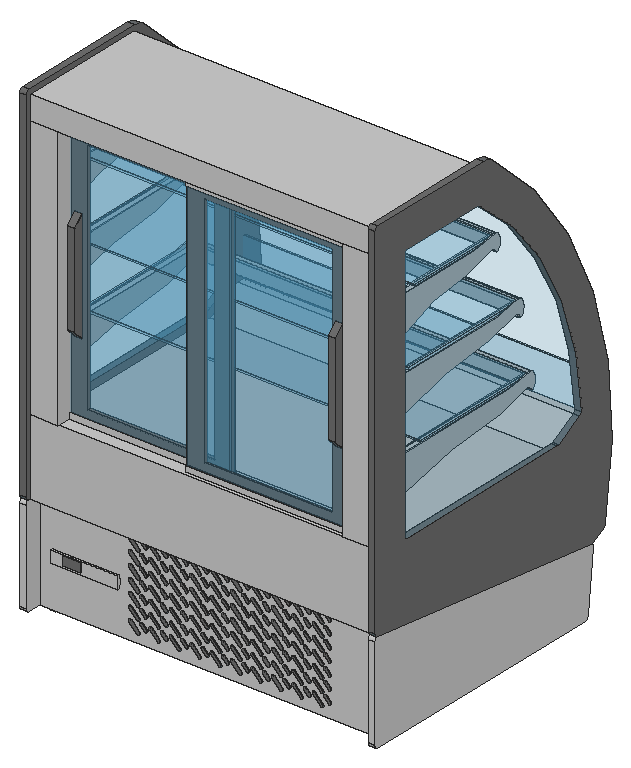
Revit family "QF_INFRICO_VBR9DS_250815081934", category Specialty Equipment, Revit 2021
Family settings
  Round Connector Dimension = Use Diameter
  Part Type = Normal
  OmniClass Number = 23.40.40.14
  OmniClass Title = Food Service Equipment
  Work Plane-Based = No
  Always vertical = Yes
  Cut with Voids When Loaded = No
  Shared = No
  Room Calculation Point = No
Parameters (values of type "VBR9DS")
  Weight [instance] = 0.00 kg
  Warranty Start Date [instance] = ""
  Warranty Duration [instance] = ""
  Volts [instance] = 230 V
  Volt Free Conn [instance] = no
  URL Recommended Spares List [instance] = ""
  URL Manufacturer [instance] = ""
  URL Cutsheet [instance] = ""
  URL Critical Spares List [instance] = ""
  URL = "www.infrico.com"
  Technical Documentation [instance] = ""
  Tag Number [instance] = ""
  Status [instance] = ""
  Start Up Current [instance] = 0 A
  Specification by User [instance] = ""
  Specification by Manufacturer [instance] = ""
  Sound Level [instance] = ""
  Show Logo [instance] = yes
  Show Clearances [instance] = yes
  Service Life Duration [instance] = ""
  Serial Number [instance] = ""
  Seismic Rating [instance] = ""
  SMACNA No [instance] = ""
  Revision Code [instance] = ""
  Revision [instance] = ""
  Production Year [instance] = ""
  Potential Equalisation [instance] = no
  Point Load [instance] = 0
  Phase [instance] = 1
  Other Equipment Approvals [instance] = ""
  Operational Current [instance] = 0 A
  Number of Poles [instance] = 2
  No Load Power Draw [instance] = no
  NAFEM Spec ID Number [instance] = ""
  Model Warning [instance] = ""
  Model = "VBR9DS"
  Min Ckt Ampacity [instance] = 0 A
  Max Overcurrent Protection [instance] = 0 A
  Masterspec [instance] = ""
  Manufacturer = "INFRICO"
  Main switch integrated [instance] = no
  Length Actual [instance] = 938 mm
  Item Number [instance] = ""
  Installed By [instance] = ""
  Installation Date [instance] = ""
  Identify Quantity as Lot [instance] = no
  ID [instance] = ""
  Hygiene Approval [instance] = ""
  Height Actual [instance] = 1300 mm
  HP power [instance] = ""
  Furnished By [instance] = ""
  Foodservice Equipment Identifier [instance] = no
  FL Amps [instance] = 0 A
  Electrical Remarks [instance] = ""
  Electric power [instance] = 1000 W
  Electric Connection Type [instance] = ""
  Elec Conn RI Height [instance] = 0 mm
  Elec Conn Connection Height [instance] = 0 mm
  ETL Approved [instance] = no
  Description = "AMBAR SERIES - DOUBLE SERVICE PASTRY DISPLAY CASE - R452"
  Depth Actual [instance] = 810 mm
  Default Elevation = 0 mm
  Cycle [instance] = 50 Hz
  Cost = 0
  Connection to energy optimisation system [instance] = yes
  Conn Plug [instance] = ""
  Conn Conduit [instance] = no
  Centralized building control system with digital interface [instance] = ""
  CSI MasterFormat [instance] = ""
  CE Approved [instance] = no
  Barcode [instance] = 0
  Author [instance] = ""
  Asset Identifier [instance] = ""
  Apparent Power [instance] = 1000 VA
  Accessory [instance] = no
Reference planes
  plane 1 "Center (Front/Back)": y = 0
  plane 2: z = 0
  plane 3 "Center (Left/Right)": x = 0
Forms (mm)
  Extrusion 1, solid, not visible
    sketch origin (0, 0, 2) x (1, 0, 0) y (0, 1, 0)
      loop
        line (-2, 2) -> (-2, -2) -> (2, -2) -> (2, 2) -> (-2, 2)
    from -2 to 2
Dimensions and locks
  locked: nested 2 to Extrusion 1 at 2  (x2)
  aligned and locked: level to plane 2
Nested families
  nested 1: "QF_INFRICO_VBR9DS_2920" at (0, 0, 0), type "VBR9DS"
    with Weight 0.00 kg, Warranty Start Date "", Warranty Duration "", URL Cutsheet "", Technical Documentation "", Tag Number "", Status "", Specification by User "", Specification by Manufacturer "", Sound Level "", Solid Fuel Type "", Show Logo yes, Show Clearances yes, Show Clearance yes, Service Life Duration "", Serial Number "", Seismic Rating "", SMACNA No "", Revision Code "", Revision "", Production Year "", Point Load 0, Other Equipment Approvals "", NAFEM Spec ID Number "", Model Warning "", Masterspec "", Length Actual 938 mm, Item Number "", Installed By "", Installation Date "", Identify Quantity as Lot yes, ID "", Hygiene Approval "", Height Actual 1300 mm, Furnished By "", Foodservice Equipment Identifier yes, Finish none, ETL Approved yes, Depth Actual 810 mm, CSI MasterFormat "", CE Approved no, Barcode "", Author "", Asset Identifier "", Accessory no
  nested 2: "CONN_POINT_ELE_2D___Generic_Annotation" at (0, 0, 0), type "CONN_POINT_ELE_2D___Generic_Annotation"
    with Onboard connection annotation symbol visibility yes
Connectors
  electrical at (0, 0, 0), driven by "Apparent Power", driven by "Number of Poles", driven by "Volts"
    settings: on Extrusion 1, index 1, voltage 230 V, apparent load 0 VA, apparent load phase1 1000 VA, apparent load phase2 0 VA, apparent load phase3 0 VA, power factor 1, load classification "Other", number of poles 2, system type 31, power factor state 1, is connector primary yes, connector utility no, sub classification motor no, connector description "Electrical connection for VBR9DS"
Definition of nested family "QF_INFRICO_VBR9DS_2920"
  Parameters (values of type "VBR9DS")
    Weight [instance] = 0.00 kg
    Warranty Start Date [instance] = ""
    Warranty Duration [instance] = ""
    URL Cutsheet [instance] = ""
    URL = "www.infrico.com"
    Technical Documentation [instance] = ""
    Tag Number [instance] = ""
    Status [instance] = ""
    Specification by User [instance] = ""
    Specification by Manufacturer [instance] = ""
    Sound Level [instance] = ""
    Solid Fuel Type [instance] = ""
    Show Logo [instance] = yes
    Show Clearances [instance] = yes
    Show Clearance [instance] = yes
    Service Life Duration [instance] = ""
    Serial Number [instance] = ""
    Seismic Rating [instance] = ""
    SMACNA No [instance] = ""
    Revision Code [instance] = ""
    Revision [instance] = ""
    Production Year [instance] = ""
    Point Load [instance] = 0
    Other Equipment Approvals [instance] = ""
    NAFEM Spec ID Number [instance] = ""
    Model Warning [instance] = ""
    Model = "VBR9DS"
    Masterspec [instance] = ""
    Manufacturer = "INFRICO"
    Length Actual [instance] = 0 mm
    Item Number [instance] = ""
    Installed By [instance] = ""
    Installation Date [instance] = ""
    Identify Quantity as Lot [instance] = yes
    ID [instance] = ""
    Hygiene Approval [instance] = ""
    Height Actual [instance] = 0 mm
    Furnished By [instance] = ""
    Foodservice Equipment Identifier [instance] = yes
    Finish [instance] = none
    ETL Approved [instance] = yes
    Description = "AMBAR SERIES - DOUBLE SERVICE PASTRY DISPLAY CASE - R452"
    Depth Actual [instance] = 0 mm
    Default Elevation = 0 mm
    CSI MasterFormat [instance] = ""
    CE Approved [instance] = yes
    Barcode [instance] = ""
    Author [instance] = ""
    Asset Identifier [instance] = ""
    Assembly Code = "E1090320"
    Accessory [instance] = yes
  Reference planes
    plane 1 "Back": y = 0
    plane 2: z = 0
    plane 3 "Left": x = 0
    plane 4 "Right": x = 938
    plane 5 "Front": y = -810
    plane 6 "Top": z = 1300
  Forms (mm)
    Extrusion 1, solid
      sketch origin (-18, -810.003, 0) x (0, -1, 0) y (0, 0, -1)
        loop
          line (-100, -1190) -> (-100, -498)
          arc (-100, -498) -> (-102.929, -490.929) -> (-110, -488) r 10
          line (-110, -488) -> (-627, -488)
          arc (-627, -488) -> (-629.55, -488.252) -> (-632, -489) r 13
          line (-632, -489) -> (-702, -529)
          arc (-702, -529) -> (-705.756, -532.802) -> (-707, -538) r 9.937
          arc (-707, -538) -> (-606.573, -907.925) -> (-356, -1198) r 864.001
          arc (-356, -1198) -> (-353.158, -1199.473) -> (-350, -1200) r 10.273
          line (-350, -1200) -> (-110, -1200)
          arc (-110, -1200) -> (-102.929, -1197.071) -> (-100, -1190) r 10
      from 0 to 18
    Extrusion 2, solid
      sketch origin (-18, -810.003, 0) x (0, -1, 0) y (0, 0, -1)
        loop
          arc (-110, -1200) -> (-102.929, -1197.071) -> (-100, -1190) r 10
          line (-100, -1190) -> (-100, -498)
          arc (-100, -498) -> (-102.929, -490.929) -> (-110, -488) r 10
          line (-110, -488) -> (-627, -488)
          arc (-627, -488) -> (-629.55, -488.252) -> (-632, -489) r 13
          line (-632, -489) -> (-702, -529)
          arc (-702, -529) -> (-705.756, -532.802) -> (-707, -538) r 9.937
          arc (-707, -538) -> (-606.573, -907.925) -> (-356, -1198) r 864.001
          arc (-356, -1198) -> (-353.158, -1199.473) -> (-350, -1200) r 10.273
          line (-350, -1200) -> (-110, -1200)
        loop
          arc (-739, -197) -> (-742.074, -197.055) -> (-745, -198) r 10.476
          line (-745, -198) -> (-782, -219)
          arc (-782, -219) -> (-785.127, -222.608) -> (-787, -227) r 15.422
          arc (-787, -227) -> (-745, -815.202) -> (-398, -1292) r 1070.947
          arc (-398, -1292) -> (-385.08, -1297.958) -> (-371, -1300) r 49.563
          line (-371, -1300) -> (-10.003, -1300)
          arc (-10.003, -1300) -> (-2.932, -1297.071) -> (-0.003, -1290) r 10
          line (-0.003, -1290) -> (-0.003, -301.904)
          arc (-0.003, -301.904) -> (-2.683, -295.3) -> (-9, -292) r 10.337
          line (-9, -292) -> (-739, -197)
      from 0 to 18
    Extrusion 3, solid
      sketch origin (938, -810.003, 0) x (0, -1, 0) y (0, 0, -1)
        loop
          line (-100, -1190) -> (-100, -498)
          arc (-100, -498) -> (-102.929, -490.929) -> (-110, -488) r 10
          line (-110, -488) -> (-627, -488)
          arc (-627, -488) -> (-629.55, -488.252) -> (-632, -489) r 13
          line (-632, -489) -> (-702, -529)
          arc (-702, -529) -> (-705.756, -532.802) -> (-707, -538) r 9.937
          arc (-707, -538) -> (-606.573, -907.925) -> (-356, -1198) r 864.001
          arc (-356, -1198) -> (-353.158, -1199.473) -> (-350, -1200) r 10.273
          line (-350, -1200) -> (-110, -1200)
          arc (-110, -1200) -> (-102.929, -1197.071) -> (-100, -1190) r 10
      from 0 to 18
    Extrusion 4, solid
      sketch origin (938, -810.003, 0) x (0, -1, 0) y (0, 0, -1)
        loop
          arc (-110, -1200) -> (-102.929, -1197.071) -> (-100, -1190) r 10
          line (-100, -1190) -> (-100, -498)
          arc (-100, -498) -> (-102.929, -490.929) -> (-110, -488) r 10
          line (-110, -488) -> (-627, -488)
          arc (-627, -488) -> (-629.55, -488.252) -> (-632, -489) r 13
          line (-632, -489) -> (-702, -529)
          arc (-702, -529) -> (-705.756, -532.802) -> (-707, -538) r 9.937
          arc (-707, -538) -> (-606.573, -907.925) -> (-356, -1198) r 864.001
          arc (-356, -1198) -> (-353.158, -1199.473) -> (-350, -1200) r 10.273
          line (-350, -1200) -> (-110, -1200)
        loop
          arc (-739, -197) -> (-742.074, -197.055) -> (-745, -198) r 10.476
          line (-745, -198) -> (-782, -219)
          arc (-782, -219) -> (-785.127, -222.608) -> (-787, -227) r 15.422
          arc (-787, -227) -> (-745, -815.202) -> (-398, -1292) r 1070.947
          arc (-398, -1292) -> (-385.08, -1297.958) -> (-371, -1300) r 49.563
          line (-371, -1300) -> (-10.003, -1300)
          arc (-10.003, -1300) -> (-2.932, -1297.071) -> (-0.003, -1290) r 10
          line (-0.003, -1290) -> (-0.003, -301.904)
          arc (-0.003, -301.904) -> (-2.683, -295.3) -> (-9, -292) r 10.337
          line (-9, -292) -> (-739, -197)
      from 0 to 18
    Extrusion 5, solid, material <- "Finish"
      sketch origin (0, -810.003, -1) x (0, -1, 0) y (0, 0, -1)
        loop
          line (-739, -198) -> (-9, -293)
          arc (-9, -293) -> (-2.377, -289.883) -> (-0.003, -282.959) r 9.392
          line (-0.003, -282.959) -> (-0.003, -29)
          arc (-0.003, -29) -> (-2.932, -21.929) -> (-10.003, -19) r 10
          line (-10.003, -19) -> (-718, -19)
          arc (-718, -19) -> (-725.332, -22.2) -> (-727.972, -29.752) r 10
          line (-727.972, -29.752) -> (-746, -188)
          arc (-746, -188) -> (-744.394, -194.326) -> (-739, -198) r 9.212
      from -18 to 0
    Extrusion 6, solid, material <- "Finish"
      sketch origin (956, -810.003, -1) x (0, -1, 0) y (0, 0, -1)
        loop
          line (-739, -198) -> (-9, -293)
          arc (-9, -293) -> (-2.377, -289.883) -> (-0.003, -282.959) r 9.392
          line (-0.003, -282.959) -> (-0.003, -29)
          arc (-0.003, -29) -> (-2.932, -21.929) -> (-10.003, -19) r 10
          line (-10.003, -19) -> (-718, -19)
          arc (-718, -19) -> (-725.332, -22.2) -> (-727.972, -29.752) r 10
          line (-727.972, -29.752) -> (-746, -188)
          arc (-746, -188) -> (-744.394, -194.326) -> (-739, -198) r 9.212
      from -18 to 0
    Extrusion 7, solid
      sketch origin (0, -750.003, 9) x (1, 0, 0) y (0, 1, 0)
        loop
          line (0, -0.02) -> (40, -0.02) -> (40, 39.98) -> (0, 39.98) -> (0, -0.02)
      from 0 to 9
    Extrusion 8, solid
      sketch origin (0, -170.003, 9) x (1, 0, 0) y (0, 1, 0)
        loop
          line (0, -0.02) -> (40, -0.02) -> (40, 39.98) -> (0, 39.98) -> (0, -0.02)
      from 0 to 9
    Extrusion 9, solid
      sketch origin (-898.549, 112.977, 0) x (-1, 0, 0) y (0, -1, 0)
        loop
          line (-903.549, 843) -> (-911.049, 855.99) -> (-926.049, 855.99) -> (-933.549, 843) -> (-926.049, 830.01) -> (-911.049, 830.01) -> (-903.549, 843)
      from 0 to 9
    Extrusion 10, solid
      sketch origin (-898.549, 692.977, 0) x (-1, 0, 0) y (0, -1, 0)
        loop
          line (-903.549, 843) -> (-911.049, 855.99) -> (-926.049, 855.99) -> (-933.549, 843) -> (-926.049, 830.01) -> (-911.049, 830.01) -> (-903.549, 843)
      from 0 to 9
    Extrusion 11, solid
      sketch origin (898, -750.003, 9) x (1, 0, 0) y (0, 1, 0)
        loop
          line (0, -0.02) -> (40, -0.02) -> (40, 39.98) -> (0, 39.98) -> (0, -0.02)
      from 0 to 9
    Extrusion 12, solid
      sketch origin (898, -170.003, 9) x (1, 0, 0) y (0, 1, 0)
        loop
          line (0, -0.02) -> (40, -0.02) -> (40, 39.98) -> (0, 39.98) -> (0, -0.02)
      from 0 to 9
    Extrusion 13, solid
      sketch origin (-0.549, 112.977, 0) x (-1, 0, 0) y (0, -1, 0)
        loop
          line (-903.549, 843) -> (-911.049, 855.99) -> (-926.049, 855.99) -> (-933.549, 843) -> (-926.049, 830.01) -> (-911.049, 830.01) -> (-903.549, 843)
      from 0 to 9
    Extrusion 14, solid
      sketch origin (-0.549, 692.977, 0) x (-1, 0, 0) y (0, -1, 0)
        loop
          line (-903.549, 843) -> (-911.049, 855.99) -> (-926.049, 855.99) -> (-933.549, 843) -> (-926.049, 830.01) -> (-911.049, 830.01) -> (-903.549, 843)
      from 0 to 9
    Extrusion 15, solid
      sketch origin (0, -810.003, 0) x (0, -1, 0) y (0, 0, -1)
        loop
          line (-59.98, -18) -> (-679.98, -18) -> (-679.98, -293) -> (-59.98, -293) -> (-59.98, -18)
      from 0 to 40
    Extrusion 16, solid
      sketch origin (898, -810.003, 0) x (0, -1, 0) y (0, 0, -1)
        loop
          line (-59.98, -18) -> (-679.98, -18) -> (-679.98, -293) -> (-59.98, -293) -> (-59.98, -18)
      from 0 to 40
    Extrusion 17, solid
      sketch origin (0, -810.003, 0) x (0, -1, 0) y (0, 0, -1)
        loop
          line (-59.98, -18) -> (-59.98, -293) -> (-44.98, -293) -> (-44.98, -18) -> (-59.98, -18)
      from 0 to 938
    Extrusion 18, solid
      sketch origin (0, -810.003, 0) x (0, -1, 0) y (0, 0, -1)
        loop
          line (-679.98, -278) -> (-679.98, -38) -> (-719.98, -38) -> (-719.98, -278) -> (-679.98, -278)
      from 0 to 40
    Extrusion 19, solid
      sketch origin (898, -810.003, 0) x (0, -1, 0) y (0, 0, -1)
        loop
          line (-679.98, -278) -> (-679.98, -38) -> (-719.98, -38) -> (-719.98, -278) -> (-679.98, -278)
      from 0 to 40
    Extrusion 20, solid
      sketch origin (0, -810.003, 0) x (0, -1, 0) y (0, 0, -1)
        loop
          line (-9.98, -293) -> (-759.98, -293) -> (-759.98, -471) -> (-747.98, -471) -> (-747.98, -448) -> (-70.98, -448) -> (-70.98, -502) -> (-9.98, -502) -> (-9.98, -293)
      from 0 to 938
    Extrusion 21, solid
      sketch origin (0, -810.003, 0) x (0, -1, 0) y (0, 0, -1)
        loop
          line (-747.98, -471) -> (-741.98, -471) -> (-741.98, -515) -> (-719.98, -515) -> (-628.98, -468) -> (-628.98, -448) -> (-630.98, -448) -> (-630.98, -466.782) -> (-720.466, -513) -> (-739.98, -513) -> (-739.98, -469) -> (-747.98, -469) -> (-747.98, -471)
      from 0 to 938
    Extrusion 22, solid
      sketch origin (0, -810.003, 0) x (0, -1, 0) y (0, 0, -1)
        loop
          line (-626.98, -448) -> (-626.98, -469) -> (-121.98, -469) -> (-121.98, -448) -> (-626.98, -448)
      from 0 to 938
    Extrusion 23, solid
      sketch origin (0, -810.003, 0) x (0, -1, 0) y (0, 0, -1)
        loop
          line (-110.98, -448) -> (-110.98, -1222) -> (-70.98, -1222) -> (-70.98, -448) -> (-110.98, -448)
      from 0 to 50
    Extrusion 24, solid
      sketch origin (888, -810.003, 0) x (0, -1, 0) y (0, 0, -1)
        loop
          line (-110.98, -448) -> (-110.98, -1222) -> (-70.98, -1222) -> (-70.98, -448) -> (-110.98, -448)
      from 0 to 50
    Extrusion 25, solid
      sketch origin (0, -810.003, 0) x (0, -1, 0) y (0, 0, -1)
        loop
          line (-9.98, -502) -> (-70.98, -502) -> (-70.98, -1222) -> (-9.98, -1222) -> (-9.98, -502)
      from 0 to 78
    Extrusion 26, solid
      sketch origin (860, -810.003, 0) x (0, -1, 0) y (0, 0, -1)
        loop
          line (-9.98, -502) -> (-70.98, -502) -> (-70.98, -1222) -> (-9.98, -1222) -> (-9.98, -502)
      from 0 to 78
    Extrusion 27, solid
      sketch origin (0, -810.003, 0) x (0, -1, 0) y (0, 0, -1)
        loop
          line (-9.98, -1288) -> (-9.98, -1222) -> (-288.98, -1222) -> (-288.98, -1276) -> (-353.98, -1276) -> (-353.98, -1260.029) -> (-372.98, -1241.029) -> (-372.98, -1229) -> (-354.98, -1229) -> (-354.98, -1217) -> (-384.98, -1217) -> (-384.98, -1246) -> (-365.98, -1265) -> (-365.98, -1288) -> (-9.98, -1288)
      from 0 to 938
    Extrusion 28, solid
      sketch origin (0, -810.003, 0) x (0, -1, 0) y (0, 0, -1)
        loop
          line (-741.98, -471) -> (-747.98, -471) -> (-747.98, -621) -> (-741.98, -621) -> (-741.98, -471)
      from 0 to 938
    Extrusion 29, solid
      sketch origin (420, -705.936, 48.526) x (0, -1, 0) y (0, 0, -1)
        loop
          line (80.087, -1157.474) -> (80.087, -1163.474) -> (62.087, -1163.474) -> (62.087, -1157.474) -> (59.087, -1157.474) -> (59.087, -1173.474) -> (62.087, -1173.474) -> (62.087, -1166.474) -> (68.087, -1166.474) -> (68.087, -1173.474) -> (74.087, -1173.474) -> (74.087, -1166.474) -> (80.087, -1166.474) -> (80.087, -1173.474) -> (83.087, -1173.474) -> (83.087, -1157.474) -> (80.087, -1157.474)
      from 0 to 440
    Extrusion 30, solid
      sketch origin (420, -705.936, 48.526) x (0, -1, 0) y (0, 0, -1)
        loop
          line (80.087, -1163.474) -> (80.087, -463.474) -> (75.087, -463.474) -> (75.087, -1163.474) -> (80.087, -1163.474)
      from 0 to 440
    Extrusion 31, solid
      sketch origin (420, -692.936, 48.526) x (0, -1, 0) y (0, 0, -1)
        loop
          line (80.087, -1163.474) -> (80.087, -463.474) -> (75.087, -463.474) -> (75.087, -1163.474) -> (80.087, -1163.474)
      from 0 to 440
    Extrusion 32, solid
      sketch origin (1420, -705.936, 48.526) x (1, 0, 0) y (0, 0, -1)
        loop
          line (-1000, -1163.474) -> (-560, -1163.474) -> (-560, -463.474) -> (-1000, -463.474) -> (-1000, -1163.474)
        loop
          line (-605, -488.474) -> (-955, -488.474) -> (-955, -1138.474) -> (-605, -1138.474) -> (-605, -488.474)
      from -75.087 to -67.087
    Extrusion 33, solid
      sketch origin (78, -679.936, 48.526) x (0, -1, 0) y (0, 0, -1)
        loop
          line (80.087, -1157.474) -> (80.087, -1163.474) -> (62.087, -1163.474) -> (62.087, -1157.474) -> (59.087, -1157.474) -> (59.087, -1173.474) -> (62.087, -1173.474) -> (62.087, -1166.474) -> (68.087, -1166.474) -> (68.087, -1173.474) -> (74.087, -1173.474) -> (74.087, -1166.474) -> (80.087, -1166.474) -> (80.087, -1173.474) -> (83.087, -1173.474) -> (83.087, -1157.474) -> (80.087, -1157.474)
      from 0 to 440
    Extrusion 34, solid
      sketch origin (78, -679.936, 48.526) x (0, -1, 0) y (0, 0, -1)
        loop
          line (80.087, -1163.474) -> (80.087, -463.474) -> (75.087, -463.474) -> (75.087, -1163.474) -> (80.087, -1163.474)
      from 0 to 440
    Extrusion 35, solid
      sketch origin (78, -666.936, 48.526) x (0, -1, 0) y (0, 0, -1)
        loop
          line (80.087, -1163.474) -> (80.087, -463.474) -> (75.087, -463.474) -> (75.087, -1163.474) -> (80.087, -1163.474)
      from 0 to 440
    Extrusion 36, solid
      sketch origin (1078, -679.936, 48.526) x (1, 0, 0) y (0, 0, -1)
        loop
          line (-1000, -1163.474) -> (-560, -1163.474) -> (-560, -463.474) -> (-1000, -463.474) -> (-1000, -1163.474)
        loop
          line (-605, -488.474) -> (-955, -488.474) -> (-955, -1138.474) -> (-605, -1138.474) -> (-605, -488.474)
      from -75.087 to -67.087
    Extrusion 37, solid
      sketch origin (420, -705.936, 1675.474) x (0, -1, 0) y (0, 0, -1)
        loop
          line (80.087, 1157.474) -> (83.087, 1157.474) -> (83.087, 1173.474) -> (80.087, 1173.474) -> (80.087, 1166.474) -> (74.087, 1166.474) -> (74.087, 1173.474) -> (68.087, 1173.474) -> (68.087, 1166.474) -> (62.087, 1166.474) -> (62.087, 1173.474) -> (59.087, 1173.474) -> (59.087, 1157.474) -> (62.087, 1157.474) -> (62.087, 1163.474) -> (80.087, 1163.474) -> (80.087, 1157.474)
      from 0 to 440
    Extrusion 38, solid
      sketch origin (78, -679.936, 1675.474) x (0, -1, 0) y (0, 0, -1)
        loop
          line (80.087, 1157.474) -> (83.087, 1157.474) -> (83.087, 1173.474) -> (80.087, 1173.474) -> (80.087, 1166.474) -> (74.087, 1166.474) -> (74.087, 1173.474) -> (68.087, 1173.474) -> (68.087, 1166.474) -> (62.087, 1166.474) -> (62.087, 1173.474) -> (59.087, 1173.474) -> (59.087, 1157.474) -> (62.087, 1157.474) -> (62.087, 1163.474) -> (80.087, 1163.474) -> (80.087, 1157.474)
      from 0 to 440
    Extrusion 39, solid
      sketch origin (-510, -1507.887, 385.642) x (0, -0.939923, 0.341387) y (0, -0.341387, -0.939923)
        loop
          line (-1441.281, -155.749) -> (-1438.55, -163.269) -> (-1412.756, -181.562) -> (-1410.024, -189.081) -> (-1408.109, -188.385) -> (-1411.111, -180.118) -> (-1436.703, -162.496) -> (-1439.401, -155.067) -> (-1441.281, -155.749)
        loop
          line (-1423.188, -205.565) -> (-1420.457, -213.085) -> (-1394.662, -231.378) -> (-1391.931, -238.897) -> (-1390.015, -238.201) -> (-1393.018, -229.934) -> (-1418.61, -212.312) -> (-1421.308, -204.883) -> (-1423.188, -205.565)
        loop
          line (-1405.094, -255.381) -> (-1402.363, -262.901) -> (-1376.569, -281.194) -> (-1373.837, -288.713) -> (-1371.922, -288.017) -> (-1374.924, -279.75) -> (-1400.516, -262.128) -> (-1403.214, -254.698) -> (-1405.094, -255.381)
        loop
          line (-1387.001, -305.197) -> (-1384.27, -312.717) -> (-1358.475, -331.01) -> (-1355.744, -338.529) -> (-1353.828, -337.833) -> (-1356.831, -329.566) -> (-1382.423, -311.944) -> (-1385.121, -304.514) -> (-1387.001, -305.197)
      from 550 to 1408
    Extrusion 40, solid
      sketch origin (3, -810.003, 87) x (0, -1, 0) y (0, 0, -1)
        loop
          line (-110.98, -498) -> (-126.98, -498)
          arc (-126.98, -498) -> (-289.514, -532.928) -> (-454.98, -549) r 1448.355
          line (-454.98, -549) -> (-547.98, -574)
          arc (-547.98, -574) -> (-550.743, -573.659) -> (-552.98, -572) r 5.461
          line (-552.98, -572) -> (-560.98, -562)
          arc (-560.98, -562) -> (-563.98, -560.5) -> (-566.98, -562) r 3.75
          arc (-566.98, -562) -> (-573.98, -583) -> (-566.98, -604) r 35
          arc (-566.98, -604) -> (-565.216, -605.472) -> (-562.98, -606) r 5
          line (-562.98, -606) -> (-544.98, -606) -> (-487.98, -595) -> (-110.98, -595) -> (-110.98, -498)
      from 0 to 2
    Extrusion 41, solid
      sketch origin (3, -810.003, 283) x (0, -1, 0) y (0, 0, -1)
        loop
          line (-110.98, -498) -> (-126.98, -498)
          arc (-126.98, -498) -> (-269.288, -533.055) -> (-414.98, -549) r 1106.867
          line (-414.98, -549) -> (-507.98, -574)
          arc (-507.98, -574) -> (-510.743, -573.659) -> (-512.98, -572) r 5.461
          line (-512.98, -572) -> (-520.98, -562)
          arc (-520.98, -562) -> (-523.98, -560.5) -> (-526.98, -562) r 3.75
          arc (-526.98, -562) -> (-533.98, -583) -> (-526.98, -604) r 35
          arc (-526.98, -604) -> (-525.216, -605.472) -> (-522.98, -606) r 5
          line (-522.98, -606) -> (-504.98, -606) -> (-447.98, -595) -> (-110.98, -595) -> (-110.98, -498)
      from 0 to 2
    Extrusion 42, solid
      sketch origin (3, -810.003, 479) x (0, -1, 0) y (0, 0, -1)
        loop
          line (-110.98, -498) -> (-126.98, -498)
          arc (-126.98, -498) -> (-228.381, -534.099) -> (-334.98, -549) r 530.828
          line (-334.98, -549) -> (-427.98, -574)
          arc (-427.98, -574) -> (-430.743, -573.659) -> (-432.98, -572) r 5.461
          line (-432.98, -572) -> (-440.98, -562)
          arc (-440.98, -562) -> (-443.98, -560.5) -> (-446.98, -562) r 3.75
          arc (-446.98, -562) -> (-453.98, -583) -> (-446.98, -604) r 35
          arc (-446.98, -604) -> (-445.216, -605.472) -> (-442.98, -606) r 5
          line (-442.98, -606) -> (-424.98, -606) -> (-367.98, -595) -> (-110.98, -595) -> (-110.98, -498)
      from 0 to 2
    Extrusion 43, solid
      sketch origin (0, -810.003, 0) x (0, -1, 0) y (0, 0, -1)
        loop
          line (-183.98, -682) -> (-558.98, -682) -> (-558.98, -688) -> (-183.98, -688) -> (-183.98, -682)
      from 5 to 933
    Extrusion 44, solid
      sketch origin (0, -850.003, 196) x (0, -1, 0) y (0, 0, -1)
        loop
          line (-183.98, -682) -> (-558.98, -682) -> (-558.98, -688) -> (-183.98, -688) -> (-183.98, -682)
      from 5 to 933
    Extrusion 45, solid
      sketch origin (0, -830.003, 392) x (0, -1, 0) y (0, 0, -1)
        loop
          line (-183.98, -682) -> (-458.98, -682) -> (-458.98, -688) -> (-183.98, -688) -> (-183.98, -682)
      from 5 to 933
    Extrusion 46, solid
      sketch origin (0, -810.003, 0) x (0, -1, 0) y (0, 0, -1)
        loop
          arc (-566.98, -691) -> (-565.216, -692.472) -> (-562.98, -693) r 5
          arc (-562.98, -693) -> (-561.498, -690.693) -> (-560.98, -688) r 7.25
          line (-560.98, -688) -> (-560.98, -649)
          arc (-560.98, -649) -> (-563.98, -647.5) -> (-566.98, -649) r 3.75
          arc (-566.98, -649) -> (-573.98, -670) -> (-566.98, -691) r 35
      from 5 to 933
    Extrusion 47, solid
      sketch origin (0, -850.003, 196) x (0, -1, 0) y (0, 0, -1)
        loop
          arc (-566.98, -691) -> (-565.216, -692.472) -> (-562.98, -693) r 5
          arc (-562.98, -693) -> (-561.498, -690.693) -> (-560.98, -688) r 7.25
          line (-560.98, -688) -> (-560.98, -649)
          arc (-560.98, -649) -> (-563.98, -647.5) -> (-566.98, -649) r 3.75
          arc (-566.98, -649) -> (-573.98, -670) -> (-566.98, -691) r 35
      from 5 to 933
    Extrusion 48, solid
      sketch origin (0, -930.003, 392) x (0, -1, 0) y (0, 0, -1)
        loop
          arc (-566.98, -691) -> (-565.216, -692.472) -> (-562.98, -693) r 5
          arc (-562.98, -693) -> (-561.498, -690.693) -> (-560.98, -688) r 7.25
          line (-560.98, -688) -> (-560.98, -649)
          arc (-560.98, -649) -> (-563.98, -647.5) -> (-566.98, -649) r 3.75
          arc (-566.98, -649) -> (-573.98, -670) -> (-566.98, -691) r 35
      from 5 to 933
    Extrusion 49, solid
      sketch origin (21, -810.003, 479) x (0, -1, 0) y (0, 0, -1)
        loop
          line (-110.98, -498) -> (-126.98, -498)
          arc (-126.98, -498) -> (-228.381, -534.099) -> (-334.98, -549) r 530.828
          line (-334.98, -549) -> (-427.98, -574)
          arc (-427.98, -574) -> (-430.743, -573.659) -> (-432.98, -572) r 5.461
          line (-432.98, -572) -> (-440.98, -562) -> (-440.98, -595) -> (-110.98, -595) -> (-110.98, -498)
      from 0 to 2
    Extrusion 50, solid
      sketch origin (0, -810.003, 0) x (0, -1, 0) y (0, 0, -1)
        loop
          line (-110.98, -1074) -> (-110.98, -1072) -> (-440.98, -1072) -> (-440.98, -1074) -> (-110.98, -1074)
      from 5 to 21
    Extrusion 51, solid
      sketch origin (21, -810.003, 283) x (0, -1, 0) y (0, 0, -1)
        loop
          line (-110.98, -498) -> (-126.98, -498)
          arc (-126.98, -498) -> (-269.288, -533.055) -> (-414.98, -549) r 1106.867
          line (-414.98, -549) -> (-507.98, -574)
          arc (-507.98, -574) -> (-510.743, -573.659) -> (-512.98, -572) r 5.461
          line (-512.98, -572) -> (-520.98, -562) -> (-520.98, -595) -> (-110.98, -595) -> (-110.98, -498)
      from 0 to 2
    Extrusion 52, solid
      sketch origin (0, -810.003, -196) x (0, -1, 0) y (0, 0, -1)
        loop
          line (-110.98, -1074) -> (-110.98, -1072) -> (-520.98, -1072) -> (-520.98, -1074) -> (-110.98, -1074)
      from 5 to 21
    Extrusion 53, solid
      sketch origin (21, -810.003, 87) x (0, -1, 0) y (0, 0, -1)
        loop
          line (-110.98, -498) -> (-126.98, -498)
          arc (-126.98, -498) -> (-289.514, -532.928) -> (-454.98, -549) r 1448.355
          line (-454.98, -549) -> (-547.98, -574)
          arc (-547.98, -574) -> (-550.743, -573.659) -> (-552.98, -572) r 5.461
          line (-552.98, -572) -> (-560.98, -562) -> (-560.98, -595) -> (-110.98, -595) -> (-110.98, -498)
      from 0 to 2
    Extrusion 54, solid
      sketch origin (0, -810.003, -392) x (0, -1, 0) y (0, 0, -1)
        loop
          line (-110.98, -1074) -> (-110.98, -1072) -> (-560.98, -1072) -> (-560.98, -1074) -> (-110.98, -1074)
      from 5 to 21
    Extrusion 55, solid
      sketch origin (935, -810.003, 87) x (0, -1, 0) y (0, 0, 1)
        loop
          line (-110.98, 498) -> (-110.98, 595) -> (-487.98, 595) -> (-544.98, 606) -> (-562.98, 606)
          arc (-562.98, 606) -> (-565.216, 605.472) -> (-566.98, 604) r 5
          arc (-566.98, 604) -> (-573.98, 583) -> (-566.98, 562) r 35
          arc (-566.98, 562) -> (-563.98, 560.5) -> (-560.98, 562) r 3.75
          line (-560.98, 562) -> (-552.98, 572)
          arc (-552.98, 572) -> (-550.743, 573.659) -> (-547.98, 574) r 5.461
          line (-547.98, 574) -> (-454.98, 549)
          arc (-454.98, 549) -> (-289.514, 532.928) -> (-126.98, 498) r 1448.355
          line (-126.98, 498) -> (-110.98, 498)
      from 0 to 2
    Extrusion 56, solid
      sketch origin (935, -810.003, 283) x (0, -1, 0) y (0, 0, 1)
        loop
          line (-110.98, 498) -> (-110.98, 595) -> (-447.98, 595) -> (-504.98, 606) -> (-522.98, 606)
          arc (-522.98, 606) -> (-525.216, 605.472) -> (-526.98, 604) r 5
          arc (-526.98, 604) -> (-533.98, 583) -> (-526.98, 562) r 35
          arc (-526.98, 562) -> (-523.98, 560.5) -> (-520.98, 562) r 3.75
          line (-520.98, 562) -> (-512.98, 572)
          arc (-512.98, 572) -> (-510.743, 573.659) -> (-507.98, 574) r 5.461
          line (-507.98, 574) -> (-414.98, 549)
          arc (-414.98, 549) -> (-269.288, 533.055) -> (-126.98, 498) r 1106.867
          line (-126.98, 498) -> (-110.98, 498)
      from 0 to 2
    Extrusion 57, solid
      sketch origin (935, -810.003, 479) x (0, -1, 0) y (0, 0, 1)
        loop
          line (-110.98, 498) -> (-110.98, 595) -> (-367.98, 595) -> (-424.98, 606) -> (-442.98, 606)
          arc (-442.98, 606) -> (-445.216, 605.472) -> (-446.98, 604) r 5
          arc (-446.98, 604) -> (-453.98, 583) -> (-446.98, 562) r 35
          arc (-446.98, 562) -> (-443.98, 560.5) -> (-440.98, 562) r 3.75
          line (-440.98, 562) -> (-432.98, 572)
          arc (-432.98, 572) -> (-430.743, 573.659) -> (-427.98, 574) r 5.461
          line (-427.98, 574) -> (-334.98, 549)
          arc (-334.98, 549) -> (-228.381, 534.099) -> (-126.98, 498) r 530.828
          line (-126.98, 498) -> (-110.98, 498)
      from 0 to 2
    Extrusion 58, solid
      sketch origin (917, -810.003, 479) x (0, -1, 0) y (0, 0, 1)
        loop
          line (-110.98, 498) -> (-110.98, 595) -> (-440.98, 595) -> (-440.98, 562) -> (-432.98, 572)
          arc (-432.98, 572) -> (-430.743, 573.659) -> (-427.98, 574) r 5.461
          line (-427.98, 574) -> (-334.98, 549)
          arc (-334.98, 549) -> (-228.381, 534.099) -> (-126.98, 498) r 530.828
          line (-126.98, 498) -> (-110.98, 498)
      from 0 to 2
    Extrusion 59, solid
      sketch origin (938, -810.003, 0) x (0, -1, 0) y (0, 0, 1)
        loop
          line (-110.98, 1074) -> (-440.98, 1074) -> (-440.98, 1072) -> (-110.98, 1072) -> (-110.98, 1074)
      from 5 to 21
    Extrusion 60, solid
      sketch origin (917, -810.003, 283) x (0, -1, 0) y (0, 0, 1)
        loop
          line (-110.98, 498) -> (-110.98, 595) -> (-520.98, 595) -> (-520.98, 562) -> (-512.98, 572)
          arc (-512.98, 572) -> (-510.743, 573.659) -> (-507.98, 574) r 5.461
          line (-507.98, 574) -> (-414.98, 549)
          arc (-414.98, 549) -> (-269.288, 533.055) -> (-126.98, 498) r 1106.867
          line (-126.98, 498) -> (-110.98, 498)
      from 0 to 2
    Extrusion 61, solid
      sketch origin (938, -810.003, -196) x (0, -1, 0) y (0, 0, 1)
        loop
          line (-110.98, 1074) -> (-520.98, 1074) -> (-520.98, 1072) -> (-110.98, 1072) -> (-110.98, 1074)
      from 5 to 21
    Extrusion 62, solid
      sketch origin (917, -810.003, 87) x (0, -1, 0) y (0, 0, 1)
        loop
          line (-110.98, 498) -> (-110.98, 595) -> (-560.98, 595) -> (-560.98, 562) -> (-552.98, 572)
          arc (-552.98, 572) -> (-550.743, 573.659) -> (-547.98, 574) r 5.461
          line (-547.98, 574) -> (-454.98, 549)
          arc (-454.98, 549) -> (-289.514, 532.928) -> (-126.98, 498) r 1448.355
          line (-126.98, 498) -> (-110.98, 498)
      from 0 to 2
    Extrusion 63, solid
      sketch origin (938, -810.003, -392) x (0, -1, 0) y (0, 0, 1)
        loop
          line (-110.98, 1074) -> (-560.98, 1074) -> (-560.98, 1072) -> (-110.98, 1072) -> (-110.98, 1074)
      from 5 to 21
    Extrusion 64, solid
      sketch origin (0, -810.003, 0) x (0, -1, 0) y (0, 0, -1)
        loop
          line (-59.98, -18) -> (-99.98, -18) -> (-99.98, -38) -> (-59.98, -38) -> (-59.98, -18)
      from 40 to 898
    Extrusion 65, solid
      sketch origin (0, -230.003, 0) x (0, -1, 0) y (0, 0, -1)
        loop
          line (-59.98, -18) -> (-99.98, -18) -> (-99.98, -38) -> (-59.98, -38) -> (-59.98, -18)
      from 40 to 898
    Extrusion 66, solid, material <- "Finish"
      sketch origin (0, -810.003, 0) x (0, -1, 0) y (0, 0, -1)
        loop
          line (-769.98, -438) -> (-759.945, -218.229) -> (-778.925, -217.362) -> (-788.96, -437.133) -> (-769.98, -438)
      from 0 to 938
    Extrusion 67, solid
      sketch origin (0, -810.003, 0) x (0, -1, 0) y (0, 0, -1)
        loop
          line (-747.98, -471) -> (-759.98, -471) -> (-789.173, -441.806) -> (-788.489, -426.822) -> (-790.487, -426.731) -> (-791.212, -442.597) -> (-760.808, -473) -> (-747.98, -473) -> (-747.98, -471)
      from 0 to 938
    Extrusion 68, solid
      sketch origin (1643.376, -765.123, -1.698) x (-1, 0, 0) y (0, 0, 1)
        loop
          line (1376.497, 42.364) -> (1398.417, 64.284)
          arc (1398.417, 64.284) -> (1398.417, 70.648) -> (1392.053, 70.648) r 4.5
          line (1392.053, 70.648) -> (1370.133, 48.728)
          arc (1370.133, 48.728) -> (1370.133, 42.364) -> (1376.497, 42.364) r 4.5
        loop
          line (1355.739, 55.335) -> (1367.053, 66.648)
          arc (1367.053, 66.648) -> (1367.053, 73.012) -> (1360.689, 73.012) r 4.5
          line (1360.689, 73.012) -> (1349.376, 61.698)
          arc (1349.376, 61.698) -> (1349.376, 55.335) -> (1355.739, 55.335) r 4.5
        loop
          line (1376.497, 76.364) -> (1398.417, 98.284)
          arc (1398.417, 98.284) -> (1398.417, 104.648) -> (1392.053, 104.648) r 4.5
          line (1392.053, 104.648) -> (1370.133, 82.728)
          arc (1370.133, 82.728) -> (1370.133, 76.364) -> (1376.497, 76.364) r 4.5
        loop
          line (1355.739, 89.335) -> (1367.053, 100.648)
          arc (1367.053, 100.648) -> (1367.053, 107.012) -> (1360.689, 107.012) r 4.5
          line (1360.689, 107.012) -> (1349.376, 95.698)
          arc (1349.376, 95.698) -> (1349.376, 89.335) -> (1355.739, 89.335) r 4.5
        loop
          line (1376.497, 110.364) -> (1398.417, 132.284)
          arc (1398.417, 132.284) -> (1398.417, 138.648) -> (1392.053, 138.648) r 4.5
          line (1392.053, 138.648) -> (1370.133, 116.728)
          arc (1370.133, 116.728) -> (1370.133, 110.364) -> (1376.497, 110.364) r 4.5
        loop
          line (1355.739, 123.335) -> (1367.053, 134.648)
          arc (1367.053, 134.648) -> (1367.053, 141.012) -> (1360.689, 141.012) r 4.5
          line (1360.689, 141.012) -> (1349.376, 129.698)
          arc (1349.376, 129.698) -> (1349.376, 123.335) -> (1355.739, 123.335) r 4.5
        loop
          line (1376.497, 144.364) -> (1398.417, 166.284)
          arc (1398.417, 166.284) -> (1398.417, 172.648) -> (1392.053, 172.648) r 4.5
          line (1392.053, 172.648) -> (1370.133, 150.728)
          arc (1370.133, 150.728) -> (1370.133, 144.364) -> (1376.497, 144.364) r 4.5
        loop
          line (1355.739, 157.335) -> (1367.053, 168.648)
          arc (1367.053, 168.648) -> (1367.053, 175.012) -> (1360.689, 175.012) r 4.5
          line (1360.689, 175.012) -> (1349.376, 163.698)
          arc (1349.376, 163.698) -> (1349.376, 157.335) -> (1355.739, 157.335) r 4.5
        loop
          line (1376.497, 178.364) -> (1398.417, 200.284)
          arc (1398.417, 200.284) -> (1398.417, 206.648) -> (1392.053, 206.648) r 4.5
          line (1392.053, 206.648) -> (1370.133, 184.728)
          arc (1370.133, 184.728) -> (1370.133, 178.364) -> (1376.497, 178.364) r 4.5
        loop
          line (1355.739, 191.335) -> (1367.053, 202.648)
          arc (1367.053, 202.648) -> (1367.053, 209.012) -> (1360.689, 209.012) r 4.5
          line (1360.689, 209.012) -> (1349.376, 197.698)
          arc (1349.376, 197.698) -> (1349.376, 191.335) -> (1355.739, 191.335) r 4.5
        loop
          line (1376.497, 212.364) -> (1398.417, 234.284)
          arc (1398.417, 234.284) -> (1398.417, 240.648) -> (1392.053, 240.648) r 4.5
          line (1392.053, 240.648) -> (1370.133, 218.728)
          arc (1370.133, 218.728) -> (1370.133, 212.364) -> (1376.497, 212.364) r 4.5
        loop
          line (1355.739, 225.335) -> (1367.053, 236.648)
          arc (1367.053, 236.648) -> (1367.053, 243.012) -> (1360.689, 243.012) r 4.5
          line (1360.689, 243.012) -> (1349.376, 231.698)
          arc (1349.376, 231.698) -> (1349.376, 225.335) -> (1355.739, 225.335) r 4.5
        loop
          line (1376.497, 246.364) -> (1398.417, 268.284)
          arc (1398.417, 268.284) -> (1398.417, 274.648) -> (1392.053, 274.648) r 4.5
          line (1392.053, 274.648) -> (1370.133, 252.728)
          arc (1370.133, 252.728) -> (1370.133, 246.364) -> (1376.497, 246.364) r 4.5
        loop
          line (1355.739, 259.335) -> (1367.053, 270.648)
          arc (1367.053, 270.648) -> (1367.053, 277.012) -> (1360.689, 277.012) r 4.5
          line (1360.689, 277.012) -> (1349.376, 265.698)
          arc (1349.376, 265.698) -> (1349.376, 259.335) -> (1355.739, 259.335) r 4.5
        loop
          line (1320.497, 42.364) -> (1342.417, 64.284)
          arc (1342.417, 64.284) -> (1342.417, 70.648) -> (1336.053, 70.648) r 4.5
          line (1336.053, 70.648) -> (1314.133, 48.728)
          arc (1314.133, 48.728) -> (1314.133, 42.364) -> (1320.497, 42.364) r 4.5
        loop
          line (1299.739, 55.335) -> (1311.053, 66.648)
          arc (1311.053, 66.648) -> (1311.053, 73.012) -> (1304.689, 73.012) r 4.5
          line (1304.689, 73.012) -> (1293.376, 61.698)
          arc (1293.376, 61.698) -> (1293.376, 55.335) -> (1299.739, 55.335) r 4.5
        loop
          line (1320.497, 76.364) -> (1342.417, 98.284)
          arc (1342.417, 98.284) -> (1342.417, 104.648) -> (1336.053, 104.648) r 4.5
          line (1336.053, 104.648) -> (1314.133, 82.728)
          arc (1314.133, 82.728) -> (1314.133, 76.364) -> (1320.497, 76.364) r 4.5
        loop
          line (1299.739, 89.335) -> (1311.053, 100.648)
          arc (1311.053, 100.648) -> (1311.053, 107.012) -> (1304.689, 107.012) r 4.5
          line (1304.689, 107.012) -> (1293.376, 95.698)
          arc (1293.376, 95.698) -> (1293.376, 89.335) -> (1299.739, 89.335) r 4.5
        loop
          line (1320.497, 110.364) -> (1342.417, 132.284)
          arc (1342.417, 132.284) -> (1342.417, 138.648) -> (1336.053, 138.648) r 4.5
          line (1336.053, 138.648) -> (1314.133, 116.728)
          arc (1314.133, 116.728) -> (1314.133, 110.364) -> (1320.497, 110.364) r 4.5
        loop
          line (1299.739, 123.335) -> (1311.053, 134.648)
          arc (1311.053, 134.648) -> (1311.053, 141.012) -> (1304.689, 141.012) r 4.5
          line (1304.689, 141.012) -> (1293.376, 129.698)
          arc (1293.376, 129.698) -> (1293.376, 123.335) -> (1299.739, 123.335) r 4.5
        loop
          line (1320.497, 144.364) -> (1342.417, 166.284)
          arc (1342.417, 166.284) -> (1342.417, 172.648) -> (1336.053, 172.648) r 4.5
          line (1336.053, 172.648) -> (1314.133, 150.728)
          arc (1314.133, 150.728) -> (1314.133, 144.364) -> (1320.497, 144.364) r 4.5
        loop
          line (1299.739, 157.335) -> (1311.053, 168.648)
          arc (1311.053, 168.648) -> (1311.053, 175.012) -> (1304.689, 175.012) r 4.5
          line (1304.689, 175.012) -> (1293.376, 163.698)
          arc (1293.376, 163.698) -> (1293.376, 157.335) -> (1299.739, 157.335) r 4.5
        loop
          line (1320.497, 178.364) -> (1342.417, 200.284)
          arc (1342.417, 200.284) -> (1342.417, 206.648) -> (1336.053, 206.648) r 4.5
          line (1336.053, 206.648) -> (1314.133, 184.728)
          arc (1314.133, 184.728) -> (1314.133, 178.364) -> (1320.497, 178.364) r 4.5
        loop
          line (1299.739, 191.335) -> (1311.053, 202.648)
          arc (1311.053, 202.648) -> (1311.053, 209.012) -> (1304.689, 209.012) r 4.5
          line (1304.689, 209.012) -> (1293.376, 197.698)
          arc (1293.376, 197.698) -> (1293.376, 191.335) -> (1299.739, 191.335) r 4.5
        loop
          line (1320.497, 212.364) -> (1342.417, 234.284)
          arc (1342.417, 234.284) -> (1342.417, 240.648) -> (1336.053, 240.648) r 4.5
          line (1336.053, 240.648) -> (1314.133, 218.728)
          arc (1314.133, 218.728) -> (1314.133, 212.364) -> (1320.497, 212.364) r 4.5
        loop
          line (1299.739, 225.335) -> (1311.053, 236.648)
          arc (1311.053, 236.648) -> (1311.053, 243.012) -> (1304.689, 243.012) r 4.5
          line (1304.689, 243.012) -> (1293.376, 231.698)
          arc (1293.376, 231.698) -> (1293.376, 225.335) -> (1299.739, 225.335) r 4.5
        loop
          line (1320.497, 246.364) -> (1342.417, 268.284)
          arc (1342.417, 268.284) -> (1342.417, 274.648) -> (1336.053, 274.648) r 4.5
          line (1336.053, 274.648) -> (1314.133, 252.728)
          arc (1314.133, 252.728) -> (1314.133, 246.364) -> (1320.497, 246.364) r 4.5
        loop
          line (1299.739, 259.335) -> (1311.053, 270.648)
          arc (1311.053, 270.648) -> (1311.053, 277.012) -> (1304.689, 277.012) r 4.5
          line (1304.689, 277.012) -> (1293.376, 265.698)
          arc (1293.376, 265.698) -> (1293.376, 259.335) -> (1299.739, 259.335) r 4.5
        loop
          line (1264.497, 42.364) -> (1286.417, 64.284)
          arc (1286.417, 64.284) -> (1286.417, 70.648) -> (1280.053, 70.648) r 4.5
          line (1280.053, 70.648) -> (1258.133, 48.728)
          arc (1258.133, 48.728) -> (1258.133, 42.364) -> (1264.497, 42.364) r 4.5
        loop
          line (1243.739, 55.335) -> (1255.053, 66.648)
          arc (1255.053, 66.648) -> (1255.053, 73.012) -> (1248.689, 73.012) r 4.5
          line (1248.689, 73.012) -> (1237.376, 61.698)
          arc (1237.376, 61.698) -> (1237.376, 55.335) -> (1243.739, 55.335) r 4.5
        loop
          line (1264.497, 76.364) -> (1286.417, 98.284)
          arc (1286.417, 98.284) -> (1286.417, 104.648) -> (1280.053, 104.648) r 4.5
          line (1280.053, 104.648) -> (1258.133, 82.728)
          arc (1258.133, 82.728) -> (1258.133, 76.364) -> (1264.497, 76.364) r 4.5
        loop
          line (1243.739, 89.335) -> (1255.053, 100.648)
          arc (1255.053, 100.648) -> (1255.053, 107.012) -> (1248.689, 107.012) r 4.5
          line (1248.689, 107.012) -> (1237.376, 95.698)
          arc (1237.376, 95.698) -> (1237.376, 89.335) -> (1243.739, 89.335) r 4.5
        loop
          line (1264.497, 110.364) -> (1286.417, 132.284)
          arc (1286.417, 132.284) -> (1286.417, 138.648) -> (1280.053, 138.648) r 4.5
          line (1280.053, 138.648) -> (1258.133, 116.728)
          arc (1258.133, 116.728) -> (1258.133, 110.364) -> (1264.497, 110.364) r 4.5
        loop
          line (1243.739, 123.335) -> (1255.053, 134.648)
          arc (1255.053, 134.648) -> (1255.053, 141.012) -> (1248.689, 141.012) r 4.5
          line (1248.689, 141.012) -> (1237.376, 129.698)
          arc (1237.376, 129.698) -> (1237.376, 123.335) -> (1243.739, 123.335) r 4.5
        loop
          line (1264.497, 144.364) -> (1286.417, 166.284)
          arc (1286.417, 166.284) -> (1286.417, 172.648) -> (1280.053, 172.648) r 4.5
          line (1280.053, 172.648) -> (1258.133, 150.728)
          arc (1258.133, 150.728) -> (1258.133, 144.364) -> (1264.497, 144.364) r 4.5
        loop
          line (1243.739, 157.335) -> (1255.053, 168.648)
          arc (1255.053, 168.648) -> (1255.053, 175.012) -> (1248.689, 175.012) r 4.5
          line (1248.689, 175.012) -> (1237.376, 163.698)
          arc (1237.376, 163.698) -> (1237.376, 157.335) -> (1243.739, 157.335) r 4.5
        loop
          line (1264.497, 178.364) -> (1286.417, 200.284)
          arc (1286.417, 200.284) -> (1286.417, 206.648) -> (1280.053, 206.648) r 4.5
          line (1280.053, 206.648) -> (1258.133, 184.728)
          arc (1258.133, 184.728) -> (1258.133, 178.364) -> (1264.497, 178.364) r 4.5
        loop
          line (1243.739, 191.335) -> (1255.053, 202.648)
          arc (1255.053, 202.648) -> (1255.053, 209.012) -> (1248.689, 209.012) r 4.5
          line (1248.689, 209.012) -> (1237.376, 197.698)
          arc (1237.376, 197.698) -> (1237.376, 191.335) -> (1243.739, 191.335) r 4.5
        loop
          line (1264.497, 212.364) -> (1286.417, 234.284)
          arc (1286.417, 234.284) -> (1286.417, 240.648) -> (1280.053, 240.648) r 4.5
          line (1280.053, 240.648) -> (1258.133, 218.728)
          arc (1258.133, 218.728) -> (1258.133, 212.364) -> (1264.497, 212.364) r 4.5
        loop
          line (1243.739, 225.335) -> (1255.053, 236.648)
          arc (1255.053, 236.648) -> (1255.053, 243.012) -> (1248.689, 243.012) r 4.5
          line (1248.689, 243.012) -> (1237.376, 231.698)
          arc (1237.376, 231.698) -> (1237.376, 225.335) -> (1243.739, 225.335) r 4.5
        loop
          line (1264.497, 246.364) -> (1286.417, 268.284)
          arc (1286.417, 268.284) -> (1286.417, 274.648) -> (1280.053, 274.648) r 4.5
          line (1280.053, 274.648) -> (1258.133, 252.728)
          arc (1258.133, 252.728) -> (1258.133, 246.364) -> (1264.497, 246.364) r 4.5
        loop
          line (1243.739, 259.335) -> (1255.053, 270.648)
          arc (1255.053, 270.648) -> (1255.053, 277.012) -> (1248.689, 277.012) r 4.5
          line (1248.689, 277.012) -> (1237.376, 265.698)
          arc (1237.376, 265.698) -> (1237.376, 259.335) -> (1243.739, 259.335) r 4.5
        loop
          line (1208.497, 42.364) -> (1230.417, 64.284)
          arc (1230.417, 64.284) -> (1230.417, 70.648) -> (1224.053, 70.648) r 4.5
          line (1224.053, 70.648) -> (1202.133, 48.728)
          arc (1202.133, 48.728) -> (1202.133, 42.364) -> (1208.497, 42.364) r 4.5
        loop
          line (1187.739, 55.335) -> (1199.053, 66.648)
          arc (1199.053, 66.648) -> (1199.053, 73.012) -> (1192.689, 73.012) r 4.5
          line (1192.689, 73.012) -> (1181.376, 61.698)
          arc (1181.376, 61.698) -> (1181.376, 55.335) -> (1187.739, 55.335) r 4.5
        loop
          line (1208.497, 76.364) -> (1230.417, 98.284)
          arc (1230.417, 98.284) -> (1230.417, 104.648) -> (1224.053, 104.648) r 4.5
          line (1224.053, 104.648) -> (1202.133, 82.728)
          arc (1202.133, 82.728) -> (1202.133, 76.364) -> (1208.497, 76.364) r 4.5
        loop
          line (1187.739, 89.335) -> (1199.053, 100.648)
          arc (1199.053, 100.648) -> (1199.053, 107.012) -> (1192.689, 107.012) r 4.5
          line (1192.689, 107.012) -> (1181.376, 95.698)
          arc (1181.376, 95.698) -> (1181.376, 89.335) -> (1187.739, 89.335) r 4.5
        loop
          line (1208.497, 110.364) -> (1230.417, 132.284)
          arc (1230.417, 132.284) -> (1230.417, 138.648) -> (1224.053, 138.648) r 4.5
          line (1224.053, 138.648) -> (1202.133, 116.728)
          arc (1202.133, 116.728) -> (1202.133, 110.364) -> (1208.497, 110.364) r 4.5
        loop
          line (1187.739, 123.335) -> (1199.053, 134.648)
          arc (1199.053, 134.648) -> (1199.053, 141.012) -> (1192.689, 141.012) r 4.5
          line (1192.689, 141.012) -> (1181.376, 129.698)
          arc (1181.376, 129.698) -> (1181.376, 123.335) -> (1187.739, 123.335) r 4.5
        loop
          line (1208.497, 144.364) -> (1230.417, 166.284)
          arc (1230.417, 166.284) -> (1230.417, 172.648) -> (1224.053, 172.648) r 4.5
          line (1224.053, 172.648) -> (1202.133, 150.728)
          arc (1202.133, 150.728) -> (1202.133, 144.364) -> (1208.497, 144.364) r 4.5
        loop
          line (1187.739, 157.335) -> (1199.053, 168.648)
          arc (1199.053, 168.648) -> (1199.053, 175.012) -> (1192.689, 175.012) r 4.5
          line (1192.689, 175.012) -> (1181.376, 163.698)
          arc (1181.376, 163.698) -> (1181.376, 157.335) -> (1187.739, 157.335) r 4.5
        loop
          line (1208.497, 178.364) -> (1230.417, 200.284)
          arc (1230.417, 200.284) -> (1230.417, 206.648) -> (1224.053, 206.648) r 4.5
          line (1224.053, 206.648) -> (1202.133, 184.728)
          arc (1202.133, 184.728) -> (1202.133, 178.364) -> (1208.497, 178.364) r 4.5
        loop
          line (1187.739, 191.335) -> (1199.053, 202.648)
          arc (1199.053, 202.648) -> (1199.053, 209.012) -> (1192.689, 209.012) r 4.5
          line (1192.689, 209.012) -> (1181.376, 197.698)
          arc (1181.376, 197.698) -> (1181.376, 191.335) -> (1187.739, 191.335) r 4.5
        loop
          line (1208.497, 212.364) -> (1230.417, 234.284)
          arc (1230.417, 234.284) -> (1230.417, 240.648) -> (1224.053, 240.648) r 4.5
          line (1224.053, 240.648) -> (1202.133, 218.728)
          arc (1202.133, 218.728) -> (1202.133, 212.364) -> (1208.497, 212.364) r 4.5
        loop
          line (1187.739, 225.335) -> (1199.053, 236.648)
          arc (1199.053, 236.648) -> (1199.053, 243.012) -> (1192.689, 243.012) r 4.5
          line (1192.689, 243.012) -> (1181.376, 231.698)
          arc (1181.376, 231.698) -> (1181.376, 225.335) -> (1187.739, 225.335) r 4.5
        loop
          line (1208.497, 246.364) -> (1230.417, 268.284)
          arc (1230.417, 268.284) -> (1230.417, 274.648) -> (1224.053, 274.648) r 4.5
          line (1224.053, 274.648) -> (1202.133, 252.728)
          arc (1202.133, 252.728) -> (1202.133, 246.364) -> (1208.497, 246.364) r 4.5
        loop
          line (1187.739, 259.335) -> (1199.053, 270.648)
          arc (1199.053, 270.648) -> (1199.053, 277.012) -> (1192.689, 277.012) r 4.5
          line (1192.689, 277.012) -> (1181.376, 265.698)
          arc (1181.376, 265.698) -> (1181.376, 259.335) -> (1187.739, 259.335) r 4.5
        loop
          line (1152.497, 42.364) -> (1174.417, 64.284)
          arc (1174.417, 64.284) -> (1174.417, 70.648) -> (1168.053, 70.648) r 4.5
          line (1168.053, 70.648) -> (1146.133, 48.728)
          arc (1146.133, 48.728) -> (1146.133, 42.364) -> (1152.497, 42.364) r 4.5
        loop
          line (1131.739, 55.335) -> (1143.053, 66.648)
          arc (1143.053, 66.648) -> (1143.053, 73.012) -> (1136.689, 73.012) r 4.5
          line (1136.689, 73.012) -> (1125.376, 61.698)
          arc (1125.376, 61.698) -> (1125.376, 55.335) -> (1131.739, 55.335) r 4.5
        loop
          line (1152.497, 76.364) -> (1174.417, 98.284)
          arc (1174.417, 98.284) -> (1174.417, 104.648) -> (1168.053, 104.648) r 4.5
          line (1168.053, 104.648) -> (1146.133, 82.728)
          arc (1146.133, 82.728) -> (1146.133, 76.364) -> (1152.497, 76.364) r 4.5
        loop
          line (1131.739, 89.335) -> (1143.053, 100.648)
          arc (1143.053, 100.648) -> (1143.053, 107.012) -> (1136.689, 107.012) r 4.5
          line (1136.689, 107.012) -> (1125.376, 95.698)
          arc (1125.376, 95.698) -> (1125.376, 89.335) -> (1131.739, 89.335) r 4.5
        loop
          line (1152.497, 110.364) -> (1174.417, 132.284)
          arc (1174.417, 132.284) -> (1174.417, 138.648) -> (1168.053, 138.648) r 4.5
          line (1168.053, 138.648) -> (1146.133, 116.728)
          arc (1146.133, 116.728) -> (1146.133, 110.364) -> (1152.497, 110.364) r 4.5
        loop
          line (1131.739, 123.335) -> (1143.053, 134.648)
          arc (1143.053, 134.648) -> (1143.053, 141.012) -> (1136.689, 141.012) r 4.5
          line (1136.689, 141.012) -> (1125.376, 129.698)
          arc (1125.376, 129.698) -> (1125.376, 123.335) -> (1131.739, 123.335) r 4.5
        loop
          line (1152.497, 144.364) -> (1174.417, 166.284)
          arc (1174.417, 166.284) -> (1174.417, 172.648) -> (1168.053, 172.648) r 4.5
          line (1168.053, 172.648) -> (1146.133, 150.728)
          arc (1146.133, 150.728) -> (1146.133, 144.364) -> (1152.497, 144.364) r 4.5
        loop
          line (1131.739, 157.335) -> (1143.053, 168.648)
          arc (1143.053, 168.648) -> (1143.053, 175.012) -> (1136.689, 175.012) r 4.5
          line (1136.689, 175.012) -> (1125.376, 163.698)
          arc (1125.376, 163.698) -> (1125.376, 157.335) -> (1131.739, 157.335) r 4.5
        loop
          line (1152.497, 178.364) -> (1174.417, 200.284)
          arc (1174.417, 200.284) -> (1174.417, 206.648) -> (1168.053, 206.648) r 4.5
          line (1168.053, 206.648) -> (1146.133, 184.728)
          arc (1146.133, 184.728) -> (1146.133, 178.364) -> (1152.497, 178.364) r 4.5
        loop
          line (1131.739, 191.335) -> (1143.053, 202.648)
          arc (1143.053, 202.648) -> (1143.053, 209.012) -> (1136.689, 209.012) r 4.5
          line (1136.689, 209.012) -> (1125.376, 197.698)
          arc (1125.376, 197.698) -> (1125.376, 191.335) -> (1131.739, 191.335) r 4.5
        loop
          line (1152.497, 212.364) -> (1174.417, 234.284)
          arc (1174.417, 234.284) -> (1174.417, 240.648) -> (1168.053, 240.648) r 4.5
          line (1168.053, 240.648) -> (1146.133, 218.728)
          arc (1146.133, 218.728) -> (1146.133, 212.364) -> (1152.497, 212.364) r 4.5
        loop
          line (1131.739, 225.335) -> (1143.053, 236.648)
          arc (1143.053, 236.648) -> (1143.053, 243.012) -> (1136.689, 243.012) r 4.5
          line (1136.689, 243.012) -> (1125.376, 231.698)
          arc (1125.376, 231.698) -> (1125.376, 225.335) -> (1131.739, 225.335) r 4.5
        loop
          line (1152.497, 246.364) -> (1174.417, 268.284)
          arc (1174.417, 268.284) -> (1174.417, 274.648) -> (1168.053, 274.648) r 4.5
          line (1168.053, 274.648) -> (1146.133, 252.728)
          arc (1146.133, 252.728) -> (1146.133, 246.364) -> (1152.497, 246.364) r 4.5
        loop
          line (1131.739, 259.335) -> (1143.053, 270.648)
          arc (1143.053, 270.648) -> (1143.053, 277.012) -> (1136.689, 277.012) r 4.5
          line (1136.689, 277.012) -> (1125.376, 265.698)
          arc (1125.376, 265.698) -> (1125.376, 259.335) -> (1131.739, 259.335) r 4.5
        loop
          line (1096.497, 42.364) -> (1118.417, 64.284)
          arc (1118.417, 64.284) -> (1118.417, 70.648) -> (1112.053, 70.648) r 4.5
          line (1112.053, 70.648) -> (1090.133, 48.728)
          arc (1090.133, 48.728) -> (1090.133, 42.364) -> (1096.497, 42.364) r 4.5
        loop
          line (1075.739, 55.335) -> (1087.053, 66.648)
          arc (1087.053, 66.648) -> (1087.053, 73.012) -> (1080.689, 73.012) r 4.5
          line (1080.689, 73.012) -> (1069.376, 61.698)
          arc (1069.376, 61.698) -> (1069.376, 55.335) -> (1075.739, 55.335) r 4.5
        loop
          line (1096.497, 76.364) -> (1118.417, 98.284)
          arc (1118.417, 98.284) -> (1118.417, 104.648) -> (1112.053, 104.648) r 4.5
          line (1112.053, 104.648) -> (1090.133, 82.728)
          arc (1090.133, 82.728) -> (1090.133, 76.364) -> (1096.497, 76.364) r 4.5
        loop
          line (1075.739, 89.335) -> (1087.053, 100.648)
          arc (1087.053, 100.648) -> (1087.053, 107.012) -> (1080.689, 107.012) r 4.5
          line (1080.689, 107.012) -> (1069.376, 95.698)
          arc (1069.376, 95.698) -> (1069.376, 89.335) -> (1075.739, 89.335) r 4.5
        loop
          line (1096.497, 110.364) -> (1118.417, 132.284)
          arc (1118.417, 132.284) -> (1118.417, 138.648) -> (1112.053, 138.648) r 4.5
          line (1112.053, 138.648) -> (1090.133, 116.728)
          arc (1090.133, 116.728) -> (1090.133, 110.364) -> (1096.497, 110.364) r 4.5
        loop
          line (1075.739, 123.335) -> (1087.053, 134.648)
          arc (1087.053, 134.648) -> (1087.053, 141.012) -> (1080.689, 141.012) r 4.5
          line (1080.689, 141.012) -> (1069.376, 129.698)
          arc (1069.376, 129.698) -> (1069.376, 123.335) -> (1075.739, 123.335) r 4.5
        loop
          line (1096.497, 144.364) -> (1118.417, 166.284)
          arc (1118.417, 166.284) -> (1118.417, 172.648) -> (1112.053, 172.648) r 4.5
          line (1112.053, 172.648) -> (1090.133, 150.728)
          arc (1090.133, 150.728) -> (1090.133, 144.364) -> (1096.497, 144.364) r 4.5
        loop
          line (1075.739, 157.335) -> (1087.053, 168.648)
          arc (1087.053, 168.648) -> (1087.053, 175.012) -> (1080.689, 175.012) r 4.5
          line (1080.689, 175.012) -> (1069.376, 163.698)
          arc (1069.376, 163.698) -> (1069.376, 157.335) -> (1075.739, 157.335) r 4.5
        loop
          line (1096.497, 178.364) -> (1118.417, 200.284)
          arc (1118.417, 200.284) -> (1118.417, 206.648) -> (1112.053, 206.648) r 4.5
          line (1112.053, 206.648) -> (1090.133, 184.728)
          arc (1090.133, 184.728) -> (1090.133, 178.364) -> (1096.497, 178.364) r 4.5
        loop
          line (1075.739, 191.335) -> (1087.053, 202.648)
          arc (1087.053, 202.648) -> (1087.053, 209.012) -> (1080.689, 209.012) r 4.5
          line (1080.689, 209.012) -> (1069.376, 197.698)
          arc (1069.376, 197.698) -> (1069.376, 191.335) -> (1075.739, 191.335) r 4.5
        loop
          line (1096.497, 212.364) -> (1118.417, 234.284)
          arc (1118.417, 234.284) -> (1118.417, 240.648) -> (1112.053, 240.648) r 4.5
          line (1112.053, 240.648) -> (1090.133, 218.728)
          arc (1090.133, 218.728) -> (1090.133, 212.364) -> (1096.497, 212.364) r 4.5
        loop
          line (1075.739, 225.335) -> (1087.053, 236.648)
